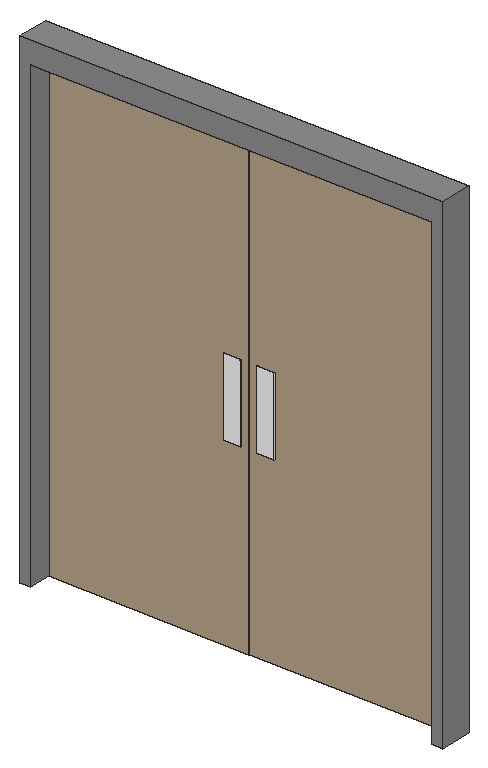
Revit family "d0f84fa636554c0ba617c01cbb934365", category Doors, host Wall, Revit 2021
Family settings
  Host = Wall
  OmniClass Number = 23.30.10.00
  OmniClass Title = Doors
  Always vertical = Yes
  Cut with Voids When Loaded = No
  Shared = No
  Room Calculation Point = No
Parameters
  W = Width / 2  # 36"
  Visual Light Transmittance = 0
  Thickness = 1 3/4"
  Thermal Resistance (R) = 1.5338 (h·ft²·°F)/BTU
  Swing Angle [instance] = 90.00°
  Strike Height = 40"
  Solar Heat Gain Coefficient = 0
  Single Panel Width = Width / 2  # 36"
  Rough Width [instance] = Width + MF Opening Width  # 76"
  Rough Height [instance] = Height + MF Opening Height  # 88"
  Panel Material = Metal - Paint Finish - Brindle
  Masonry Frame [instance] = yes
  MF Opening Height [instance] = if(Masonry Frame, 4", 1 1/4")  # 4"
  MF Opening Width [instance] = if(Masonry Frame, 4", 2 1/2")  # 4"
  Inset Calculate [instance] = if(Masonry Frame, Masonry Inset + 3", 3")  # 4"
  Masonry Inset [instance] = 1"
  Height = 84"
  Wall Closure = By host
  Width = 72"
  Heat Transfer Coefficient (U) = 0.6520 BTU/(h·ft²·°F)
  Function = Exterior
  Frame Material = Metal - Paint Finish - Grey
  Masonry Frame Depth = 5 3/4"
  Dry Wall Frame [instance] = not(Masonry Frame)  # no
  Door Handle Material = Aluminium
  Assembly Code = "B2030200"
  Analytic Construction = "Metal"
Reference planes (in)
  plane 1 "Center (Front/Back)": y = 0
  plane 2 "Center (Left/Right)": x = 0
  plane 3 "Left": x = -38
  plane 4 "Right": x = 38
  plane 5 "Top": z = 88
  plane 6 "Exterior": y = 4.25
  plane 7 "Interior": y = -3.75
  plane 8 "Door Panel Right": x = -36
  plane 9 "Door Panel Left": x = 36
  plane 10 "Top Of Panel": z = 84
  plane 11: z = 0
  plane 12: z = 0
  plane 13: y = 1.5
  plane 14: z = 40
  plane 15: y = 3.25
  plane 16: y = -2.5
  plane 17: y = 1.3125
  plane 18: x = -35.375
  plane 19: y = -0.5625
  plane 20: z = 86
  plane 21: y = 7.25
  plane 22: z = 86
  plane 23: x = 36.75
  plane 24: x = 38.75
  plane 25: y = 4.75
  plane 26: y = -4.25
  plane 27: x = 36.125
  plane 28: y = 1.3125
  plane 29: y = -0.1875
Forms (in)
  Extrusion 1, solid, material "Metal - Paint Finish - Brindle" <- "Panel Material"
    sketch origin (0, 0, 0) x (1, 0, 0) y (0, 0, 1)
      loop
        line (36, 84) -> (0.0625, 84) -> (0.0625, 0) -> (36, 0) -> (36, 84)
      loop
        line (-36, 0) -> (-0.0625, 0) -> (-0.0625, 84) -> (-36, 84) -> (-36, 0)
    from -3.25 to -1.5
  Sweep 2, solid, material "Metal - Paint Finish - Grey" <- "Frame Material", visible <- "Masonry Frame"
    path origin (0, 4.25, 0) x (1, 0, 0) y (0, 0, 1)
      loop
        line (38, 0) -> (38, 86) -> (-38, 86) -> (-38, 0)
    profile origin (-38, 4.25, 43) x (0, -1, 0) y (1, 0, 0)
      loop
        line (1, 2) -> (1, 0) -> (6.75, 0) -> (6.75, 2) -> (1, 2)
  Extrusion 3, solid, material "Metal - Paint Finish - Grey" <- "Frame Material", visible <- "Masonry Frame"
    sketch origin (0, 0, 0) x (0, 1, 0) y (0, 0, 1)
      loop
        line (3.25, 88) -> (-2.5, 88) -> (-2.5, 86) -> (3.25, 86) -> (3.25, 88)
    from -38 to 38
  Sweep 4, solid, material "Metal - Paint Finish - Grey" <- "Frame Material", visible <- "Dry Wall Frame"
    path origin (0, 4.25, 0) x (1, 0, 0) y (0, 0, 1)
      loop
        line (38, 0) -> (38, 88) -> (-38, 88) -> (-38, 0)
    profile origin (38, 4.25, 44) x (-1, 0, 0) y (0, -1, 0)
      loop
        line (-0.75, -0.5) -> (1.25, -0.5) -> (1.25, 2.9375) -> (1.875, 2.9375) -> (1.875, 4.4375) -> (1.25, 4.4375) -> (1.25, 8.5) -> (-0.75, 8.5) -> (-0.75, 8) -> (0, 8) -> (0, 0) -> (-0.75, 0) -> (-0.75, -0.5)
Cuts and joins
  joined: Sweep 2, Extrusion 3
Lines and regions (in)
  Opening 1
    outline origin (-90, -3.75, 0) x (1, 0, 0) y (0, 0, 1)
      loop
        line (52, 0) -> (128, 0) -> (128, 88) -> (52, 88) -> (52, 0)
  Masking region 1, visible <- "Masonry Frame", detail levels coarse+medium
    outline origin (0, 0, 0) x (1, 0, 0) y (0, 1, 0)
      loop
        line (-38, 3.25) -> (-38, -2.5) -> (-36, -2.5) -> (-36, 3.25) -> (-38, 3.25)
      loop
        line (38, 3.25) -> (36, 3.25) -> (36, -2.5) -> (38, -2.5) -> (38, 3.25)
  Masking region 2, visible <- "Masonry Frame", detail levels fine
    outline origin (0, 0, 0) x (1, 0, 0) y (0, 1, 0)
      loop
        line (-38, 3.25) -> (-38, -2.5) -> (-36, -2.5) -> (-36, 3.25) -> (-38, 3.25)
      loop
        line (38, 3.25) -> (36, 3.25) -> (36, -2.5) -> (38, -2.5) -> (38, 3.25)
  Masking region 3, visible <- "Dry Wall Frame", detail levels coarse+medium
    outline origin (0, 0, 0) x (1, 0, 0) y (0, 1, 0)
      loop
        line (36.75, -3.75) -> (38, -3.75) -> (38, 4.25) -> (36.75, 4.25) -> (36.75, -3.75)
      loop
        line (-38, 4.25) -> (-38, -3.75) -> (-36.75, -3.75) -> (-36.75, 4.25) -> (-38, 4.25)
  Masking region 4, visible <- "Dry Wall Frame", detail levels fine
    outline origin (0, 0, 0) x (1, 0, 0) y (0, 1, 0)
      loop
        line (-38.75, 4.75) -> (-38.75, 4.25) -> (-38, 4.25) -> (-38, -3.75) -> (-38.75, -3.75) -> (-38.75, -4.25) -> (-36.75, -4.25) -> (-36.75, -0.1875) -> (-36.125, -0.1875) -> (-36.125, 1.3125) -> (-36.75, 1.3125) -> (-36.75, 4.75) -> (-38.75, 4.75)
      loop
        line (38.75, 4.25) -> (38.75, 4.75) -> (36.75, 4.75) -> (36.75, 1.3125) -> (36.125, 1.3125) -> (36.125, -0.1875) -> (36.75, -0.1875) -> (36.75, -4.25) -> (38.75, -4.25) -> (38.75, -3.75) -> (38, -3.75) -> (38, 4.25) -> (38.75, 4.25)
Text (in)
  text "Exterior" at (-74.96733, 27.31104, 0), in view "Ref. Level"
  text "Interior" at (-74.96733, -25.14366, 0), in view "Ref. Level"
  text "Exterior" at (0, 40.15149, 123.01588), in view "Right"
  text "Interior" at (0, -64.39139, 123.01588), in view "Right"
  text "Interior" at (0, -31.01599, 123.00693), in view "Left"
  text "Exterior" at (0, 54.57065, 123.00693), in view "Left"
Dimensions and locks (in)
  equal spacing: plane 3 "Left", plane 2 "Center (Left/Right)", plane 4 "Right"
  "Rough Height": level to plane 5 "Top"
  equal spacing: plane 8 "Door Panel Right", plane 2 "Center (Left/Right)", plane 9 "Door Panel Left"
  "Width": plane 8 "Door Panel Right" to plane 9 "Door Panel Left"
  "Height": level to plane 10 "Top Of Panel"
  plane 11 to plane 12 = 0"
  "Rough Width": plane 3 "Left" to plane 4 "Right"
  "Thickness": plane 15 to plane 13
  "Masonry Frame Depth": plane 15 to plane 16
  locked: plane 13 to plane 17 at 0.1875
  locked: plane 16 to plane 19 at 1.9375
  locked: plane 8 "Door Panel Right" to plane 18 at 0.625
  locked: plane 20 to plane 5 "Top" at 2
  locked: plane 6 "Exterior" to plane 21 at 3
  "Inset Calculate": plane 21 to plane 15
  locked: plane 10 "Top Of Panel" to plane 22 at 2
  locked: plane 4 "Right" to plane 24 at 0.75
  locked: plane 6 "Exterior" to plane 25 at 0.5
  locked: plane 26 to plane 7 "Interior" at 0.5
  locked: plane 23 to plane 24 at 2
  plane 13 to plane 28 to plane 29 = 3/16" locked, 1 1/2" locked
  locked: plane 27 to plane 23 at 0.625
  "Strike Height": plane 11 to plane 14
  locked: Extrusion 1 sketch curve to plane 2 "Center (Left/Right)" at 0.0625
  locked: plane 2 "Center (Left/Right)" to Extrusion 1 sketch curve at 0.0625
  aligned and locked: plane 3 "Left" to Opening 1 sketch curve
  aligned and locked: plane 5 "Top" to Opening 1 sketch curve  (x2)
  aligned and locked: Opening 1 sketch curve to plane 4 "Right"
  aligned and locked: Opening 1 sketch curve to level
  aligned and locked: plane 6 "Exterior" to host wall
  aligned and locked: plane 7 "Interior" to host wall
  aligned and locked: plane 11 to level
  aligned and locked: Extrusion 1 sketch curve to plane 10 "Top Of Panel"
  aligned and locked: Extrusion 1 sketch curve to plane 8 "Door Panel Right"
  aligned and locked: plane 9 "Door Panel Left" to Extrusion 1 sketch curve
  aligned and locked: Extrusion 1 sketch curve to plane 12
  aligned and locked: Extrusion 1 to plane 13
  aligned and locked: nested 1 to plane 9 "Door Panel Left"
  aligned and locked: Sweep 2 sketch curve to plane 3 "Left"  (x2)
  aligned and locked: plane 11 to Sweep 2 sketch curve  (x2)
  aligned and locked: plane 8 "Door Panel Right" to Sweep 2 sketch curve
  aligned and locked: plane 16 to Sweep 2 sketch curve
  aligned and locked: Sweep 2 sketch curve to plane 15
  aligned and locked: Sweep 2 sketch curve to plane 4 "Right"
  aligned and locked: plane 5 "Top" to Extrusion 3 sketch curve
  aligned and locked: Extrusion 3 sketch curve to plane 16
  aligned and locked: Extrusion 3 sketch curve to plane 15
  aligned and locked: plane 20 to Extrusion 3 sketch curve
  aligned and locked: cut or joined group of Sweep 2, Extrusion 3 to plane 4 "Right"
  aligned and locked: plane 3 "Left" to cut or joined group of Sweep 2, Extrusion 3
  aligned and locked: Masking region 1 sketch curve to plane 15  (x2)
  aligned and locked: plane 8 "Door Panel Right" to Masking region 1 sketch curve
  aligned and locked: plane 16 to Masking region 1 sketch curve  (x2)
  aligned and locked: Masking region 1 sketch curve to plane 3 "Left"
  aligned and locked: Masking region 1 sketch curve to plane 4 "Right"
  aligned and locked: plane 9 "Door Panel Left" to Masking region 1 sketch curve
  aligned and locked: Masking region 2 sketch curve to plane 3 "Left"
  aligned and locked: plane 16 to Masking region 2 sketch curve  (x2)
  aligned and locked: Masking region 2 sketch curve to plane 15  (x2)
  aligned and locked: plane 8 "Door Panel Right" to Masking region 2 sketch curve
  aligned and locked: Masking region 2 sketch curve to plane 4 "Right"
  aligned and locked: plane 9 "Door Panel Left" to Masking region 2 sketch curve
  aligned and locked: Sweep 2 sketch curve to plane 22
  aligned and locked: plane 4 "Right" to Sweep 4 sketch curve
  aligned and locked: Sweep 4 sketch curve to plane 3 "Left"
  aligned and locked: plane 24 to Sweep 4 sketch curve  (x2)
  aligned and locked: Sweep 4 sketch curve to plane 7 "Interior"
  aligned and locked: plane 26 to Sweep 4 sketch curve
  aligned and locked: Sweep 4 sketch curve to plane 23  (x2)
  aligned and locked: plane 29 to Sweep 4 sketch curve
  aligned and locked: plane 27 to Sweep 4 sketch curve
  aligned and locked: Sweep 4 sketch curve to plane 28
  aligned and locked: Sweep 4 sketch curve to plane 25
  aligned and locked: plane 6 "Exterior" to Sweep 4 sketch curve
  aligned and locked: Sweep 4 sketch curve to plane 4 "Right"
  aligned and locked: plane 5 "Top" to Sweep 4 sketch curve
  aligned and locked: Masking region 3 sketch curve to plane 6 "Exterior"
  aligned and locked: plane 7 "Interior" to Masking region 3 sketch curve
  aligned and locked: Masking region 3 sketch curve to plane 4 "Right"
  aligned and locked: Masking region 3 sketch curve to Sweep 4  (x2)
  aligned and locked: plane 6 "Exterior" to Masking region 3 sketch curve
  aligned and locked: Masking region 3 sketch curve to plane 3 "Left"
  aligned and locked: Masking region 3 sketch curve to plane 7 "Interior"
  aligned and locked: Masking region 4 sketch curve to plane 3 "Left"
  aligned and locked: Masking region 4 sketch curve to Sweep 4  (x13)
  aligned and locked: Masking region 4 sketch curve to plane 6 "Exterior"
  aligned and locked: plane 7 "Interior" to Masking region 4 sketch curve
  aligned and locked: Masking region 4 sketch curve to plane 4 "Right"
  aligned and locked: Masking region 4 sketch curve to plane 7 "Interior"
  aligned and locked: Sweep 4 to Masking region 4 sketch curve  (x5)
  aligned and locked: plane 6 "Exterior" to Masking region 4 sketch curve
  aligned and locked: plane 11 to Sweep 4 sketch curve  (x2)
  aligned and locked: plane 2 "Center (Left/Right)" to nested 2
  aligned and locked: nested 3 to plane 2 "Center (Left/Right)"
  aligned and locked: plane 2 "Center (Left/Right)" to nested 4
  aligned and locked: nested 5 to plane 2 "Center (Left/Right)"
  aligned and locked: plane 12 to Extrusion 1 sketch curve
  aligned and locked: nested 6 to plane 8 "Door Panel Right"
  aligned and locked: plane 15 to nested 6
  aligned and locked: plane 8 "Door Panel Right" to nested 7
  aligned and locked: plane 13 to nested 7
  aligned and locked: plane 9 "Door Panel Left" to nested 8
  aligned and locked: nested 8 to plane 13
  aligned and locked: plane 14 to nested 4
  aligned and locked: nested 2 to plane 14
  aligned and locked: plane 14 to nested 3
  aligned and locked: nested 5 to plane 14
  aligned and locked: plane 15 to nested 4
  aligned and locked: plane 13 to nested 5
  aligned and locked: nested 2 to plane 15
  aligned and locked: nested 3 to plane 13
Automatic sketch dimensions
  Extrusion 1 sketch curve to plane 10 "Top Of Panel" = 0"
Nested families (in)
  nested 1: "Door Swing-Single" at (36, 3.25, 0), Swing Angle <- "Swing Angle", type "Single"
    with Swing Visible yes, Swing Angle 90.00°, Actual Angle 90.00°
  nested 2: "Push Plate" at (-5.80709, 3.25, 40), type "3" x 14"", detail levels fine
  nested 3: "Push Plate" at (-5.80709, 1.5, 40), type "3" x 14"", detail levels fine
  nested 4: "Push Plate" at (5.80709, 3.25, 40) x (-1, 0, 0) z (0, 0, 1), type "3" x 14"", detail levels fine
  nested 5: "Push Plate" at (5.80709, 1.5, 40) x (-1, 0, 0) z (0, 0, 1), type "3" x 14"", detail levels fine
  nested 6: "Door Swing-Single" at (-36, 3.25, 0) x (-1, 0, 0) z (0, 0, 1), Swing Angle <- "Swing Angle", type "Single"
    with Swing Visible yes, Swing Angle 90.00°, Actual Angle 90.00°
  nested 7: "Door Swing-Single-Opposing" at (-36, 1.5, 0) x (-1, 0, 0) z (0, 0, 1), Swing Angle <- "Swing Angle", type "Single"
    with Swing Visible yes, Swing Angle 90.00°, Actual Angle 90.00°
  nested 8: "Door Swing-Single-Opposing" at (36, 1.5, 0), Swing Angle <- "Swing Angle", type "Single"
    with Swing Visible yes, Swing Angle 90.00°, Actual Angle 90.00°
Definition of nested family "Push Plate"
  Parameters (values of type "3" x 14"")
    Width = 3"
    Material = none
    Height = 14"
    Handle Z Distance = 0"
    Handle X Distance = 3"
    Assembly Code = ""
    Analytic Construction = "<None>"
  Reference planes (in)
    plane 1 "Center (Front/Back)": y = 0
    plane 2: z = 0
    plane 3 "Center (Left/Right)": x = 5.80709
    plane 4: z = 0
    plane 5 "Handle C/L": x = 8.80709
  Forms (in)
    Extrusion 1, solid, material <- "Material"
      sketch origin (11.81102, 0, 0) x (1, 0, 0) y (0, 0, -1)
        loop
          line (-4.50394, -7) -> (-1.50394, -7) -> (-1.50394, 7) -> (-4.50394, 7) -> (-4.50394, -7)
      from 0 to 0.125
  Dimensions and locks (in)
    "Handle Z Distance": plane 4 to level
    "Width": Extrusion 1 sketch curve to Extrusion 1 sketch curve
    equal spacing: Extrusion 1 sketch curve, plane 4, Extrusion 1 sketch curve
    "Handle X Distance": plane 5 "Handle C/L" to plane 3 "Center (Left/Right)"
    equal spacing: Extrusion 1 sketch curve, plane 5 "Handle C/L", Extrusion 1 sketch curve
    "Height": Extrusion 1 sketch curve to Extrusion 1 sketch curve
Definition of nested family "Door Swing-Single"
  Parameters
    Width = 36"
    Thickness = 1 3/4"
    Swing Visible [instance] = Swing Angle > 1.00°  # yes
    Swing Angle [instance] = 45.00°
    Assembly Code = ""
    Analytic Construction = "<None>"
    Actual Angle [instance] = if(Swing Angle < 1.00°, 1.00°, Swing Angle)  # 45.00°
  Reference planes (in)
    plane 1 "Center (Front/Back)": y = 0
    plane 2: z = 0
    plane 3 "Center (Left/Right)": x = 0
    plane 4: x = -36
  Lines and regions (in)
    Masking region 1
      outline origin (0, 0, 0) x (-0.707107, 0.707107, 0) y (-0.707107, -0.707107, 0)
        loop
          line (0, 0) -> (36, 0) -> (36, 1.75) -> (0, 1.75) -> (0, 0)
    symbolic lines
      curve 1: line (0, 0, 0) -> (-36, 0, 0)
    symbolic lines, visible <- "Swing Visible"
      curve 2: arc (-36, 0, 0) -> (-33.25966, 13.7766, 0) -> (-25.45584, 25.45584, 0) r 36
    reference lines
      curve 3: line (0, 0, 0) -> (-25.45584, 25.45584, 0)
    model lines
      curve 4: line (0, 0, 0) -> (0, 0, 1)
  Dimensions and locks (in)
    "Width": plane 4 to plane 3 "Center (Left/Right)"
    locked: curve 2 to plane 3 "Center (Left/Right)"
    locked: curve 2 to plane 1 "Center (Front/Back)"
    "Width": curve 3 to curve 3
    "Thickness": Masking region 1 sketch curve to Masking region 1 sketch curve
    locked: curve 4 to plane 2 at 1
    "Width": radius of curve 2
    "Actual Angle": angle curve 2 to curve 2
    "Swing Angle": angle curve 3 to plane 1 "Center (Front/Back)"
    aligned and locked: curve 1 to plane 1 "Center (Front/Back)"
    aligned and locked: plane 3 "Center (Left/Right)" to curve 1
    aligned and locked: plane 3 "Center (Left/Right)" to curve 3
    aligned and locked: plane 1 "Center (Front/Back)" to curve 3
    aligned and locked: curve 3 to Masking region 1 sketch curve
    aligned and locked: Masking region 1 sketch curve to curve 3  (x2)
    aligned and locked: plane 3 "Center (Left/Right)" to curve 4
    aligned and locked: plane 2 to curve 4
Definition of nested family "Door Swing-Single-Opposing"
  Parameters
    Width = 36"
    Thickness = 1 3/4"
    Swing Visible [instance] = Swing Angle > 1.00°  # yes
    Swing Angle [instance] = 45.00°
    Assembly Code = ""
    Analytic Construction = "<None>"
    Actual Angle [instance] = if(Swing Angle < 1.00°, 1.00°, Swing Angle)  # 45.00°
  Reference planes (in)
    plane 1 "Center (Front/Back)": y = 0
    plane 2: z = 0
    plane 3 "Center (Left/Right)": x = 0
    plane 4: x = -36
  Lines and regions (in)
    symbolic lines
      curve 1: line (0, 0, 0) -> (-36, 0, 0)
      curve 5: line (0, 0, 0) -> (-25.45584, 25.45584, 0)
      curve 6: line (-25.45584, 25.45584, 0) -> (-26.69328, 24.21841, 0)
      curve 7: line (-26.69328, 24.21841, 0) -> (-1.23744, -1.23744, 0)
      curve 8: line (-1.23744, -1.23744, 0) -> (0, 0, 0)
    symbolic lines, visible <- "Swing Visible"
      curve 2: arc (-36, 0, 0) -> (-33.25966, 13.7766, 0) -> (-25.45584, 25.45584, 0) r 36
    reference lines
      curve 3: line (0, 0, 0) -> (-25.45584, 25.45584, 0)
    model lines
      curve 4: line (0, 0, 0) -> (0, 0, 1)
  Dimensions and locks (in)
    "Width": plane 4 to plane 3 "Center (Left/Right)"
    locked: curve 2 to plane 3 "Center (Left/Right)"
    locked: curve 2 to plane 1 "Center (Front/Back)"
    "Width": curve 3 to curve 3
    locked: curve 4 to plane 2 at 1
    "Thickness": curve 3 to curve 7
    "Width": radius of curve 2
    "Actual Angle": angle curve 2 to curve 2
    "Swing Angle": angle curve 3 to plane 1 "Center (Front/Back)"
    aligned and locked: curve 1 to plane 1 "Center (Front/Back)"
    aligned and locked: plane 3 "Center (Left/Right)" to curve 1
    aligned and locked: plane 3 "Center (Left/Right)" to curve 3
    aligned and locked: plane 1 "Center (Front/Back)" to curve 3
    aligned and locked: plane 3 "Center (Left/Right)" to curve 4
    aligned and locked: plane 2 to curve 4
    aligned and locked: curve 5 to curve 2
    aligned and locked: curve 6 to curve 3
    aligned and locked: curve 8 to curve 3
